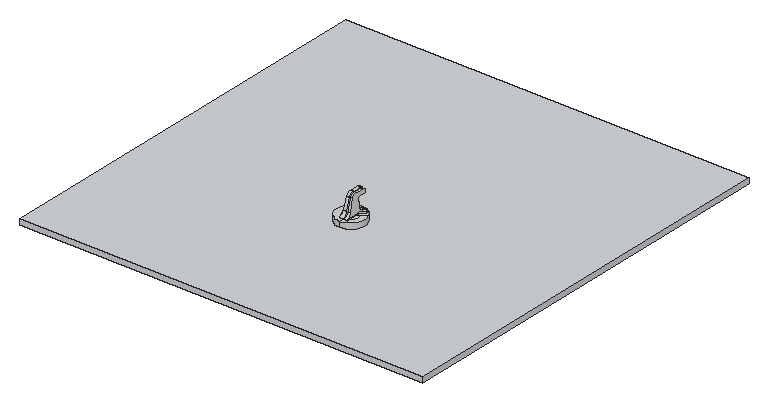
Revit family "41-Percha Palermo", category Aparatos sanitarios, Revit 2018
Family settings
  Anfitrión = Cara
  Cota de conector redondo = Diámetro de uso
  Tipo de pieza = Normal
  Número OmniClass = 23.45.00.00
  Título OmniClass = Sanitary, Laundry, and Cleaning Equipment
  Corte con vacíos al cargar = No
  Compartido = No
  Punto de cálculo de habitación = No
Parameters
  Vida útil unidad = ""
  Vida útil = ""
  URL = ""
  Tráfico = "Residencial"
  Presión mínima = ""
  Presión Máxima = ""
  Nombre del Fabricante = "Corona"
  Nombre = "Percha"
  Model = ""
  Material de Fabricación = "Latón"
  Material Acabado = Cromo-Corona
  Fabricante = "www.corona.com.co"
  Default Elevation = 0 mm
  Duración Garantía Unidad = "Año"
  Diámetro de conexión entrada = ""
  Descripción IFC = "Percha Palermo"
  Description = ""
  Assembly Code = ""
  Consumo de agua = ""
  Color = "Cromo"
  Caudal = ""
  Acabado = "Brillante"
Reference planes
  plane 1 "Center (Front/Back)": y = 0
  plane 2: z = 0
  plane 3 "Center (Left/Right)": x = 0
Forms (mm)
  Extrusion 1, solid
    sketch origin (0, 0, 0) x (1, 0, 0) y (0, 1, 0)
      loop
        line (-385.853, 470) -> (-385.853, -304.449) -> (380.791, -304.449) -> (380.791, 470) -> (-385.853, 470)
    from 0 to -9.713
  Revolve 2, solid, material "Cromo-Corona", detail levels medium+fine
    sketch origin (0, 0, 0) x (0, 1, 0) y (0, 0, 1)
      loop
        line (0, 0) -> (27, 0) -> (27, 10.016) -> (15.089, 10.016) -> (0, 10.016) -> (0, 0)
      axis (0, 10.016) -> (0, 0)
    angle from 0 to 360
  Extrusion 3, solid, material "Cromo-Corona", detail levels medium+fine
    sketch origin (-20.24, 0, 0) x (0, -1, 0) y (0, 0, 1)
      loop
        arc (17.328, 9.949) -> (11.913, 13.154) -> (8.5, 18.441) r 13.706
        line (8.5, 18.441) -> (2.028, 41.012)
        spline (2.028, 41.012) -> (1.75, 41.807) -> (1.392, 42.533) -> (0.954, 43.191) -> (0.436, 43.778) -> (-0.163, 44.297) -> (-0.841, 44.747) -> (-1.599, 45.127) -> (-2.437, 45.439) -> (-3.356, 45.681) -> (-4.354, 45.854) -> (-5.433, 45.957) -> (-6.591, 45.992)
        line (-6.591, 45.992) -> (-23.146, 45.992)
        arc (-23.146, 45.992) -> (-24.8, 45.306) -> (-25.486, 43.651) r 2.341
        line (-25.486, 43.651) -> (-25.486, 39.117)
        arc (-25.486, 39.117) -> (-25.131, 38.26) -> (-24.274, 37.905) r 1.212
        line (-24.274, 37.905) -> (-11.079, 37.905)
        arc (-11.079, 37.905) -> (-10.377, 37.614) -> (-10.086, 36.911) r 0.994
        line (-10.086, 36.911) -> (-10.086, 24.487)
        arc (-10.086, 24.487) -> (-11.968, 16.583) -> (-18.902, 12.351) r 10.567
        line (-18.902, 12.351) -> (-18.902, 9.949) -> (17.328, 9.949)
    from -20.24 to -12.508
  Extrusion 4, void
    sketch origin (0, 0, 0) x (1, 0, 0) y (0, 0, 1)
      loop
        line (-7.72, 10.122) -> (-5.205, 46.09) -> (-5.205, 48.484) -> (-10.205, 48.484) -> (-10.205, 10.122) -> (-7.72, 10.122)
    from -25.486 to 17.328
  Extrusion 5, solid, material "Cromo-Corona", detail levels medium+fine
    sketch origin (20.24, 0, 0) x (0, -1, 0) y (0, 0, -1)
      loop
        line (17.328, -9.949) -> (-18.902, -9.949) -> (-18.902, -12.351)
        arc (-18.902, -12.351) -> (-11.968, -16.583) -> (-10.086, -24.487) r 10.567
        line (-10.086, -24.487) -> (-10.086, -36.911)
        arc (-10.086, -36.911) -> (-10.377, -37.614) -> (-11.079, -37.905) r 0.994
        line (-11.079, -37.905) -> (-24.274, -37.905)
        arc (-24.274, -37.905) -> (-25.131, -38.26) -> (-25.486, -39.117) r 1.212
        line (-25.486, -39.117) -> (-25.486, -43.651)
        arc (-25.486, -43.651) -> (-24.8, -45.306) -> (-23.146, -45.992) r 2.341
        line (-23.146, -45.992) -> (-6.591, -45.992)
        spline (-6.591, -45.992) -> (-5.433, -45.957) -> (-4.354, -45.854) -> (-3.356, -45.681) -> (-2.437, -45.439) -> (-1.599, -45.127) -> (-0.841, -44.747) -> (-0.163, -44.297) -> (0.436, -43.778) -> (0.954, -43.191) -> (1.392, -42.533) -> (1.75, -41.807) -> (2.028, -41.012)
        line (2.028, -41.012) -> (8.5, -18.441)
        arc (8.5, -18.441) -> (11.913, -13.154) -> (17.328, -9.949) r 13.706
    from -20.24 to -12.508
  Extrusion 6, void
    sketch origin (0, 0, 0) x (-1, 0, 0) y (0, 0, -1)
      loop
        line (-7.72, -10.122) -> (-10.205, -10.122) -> (-10.205, -48.484) -> (-5.205, -48.484) -> (-5.205, -46.09) -> (-7.72, -10.122)
    from -25.486 to 17.328
  Revolve 7, solid, material "Cromo-Corona", detail levels medium+fine
    sketch origin (0, 0, 0) x (0, 1, 0) y (0, 0, 1)
      loop
        line (27, 0) -> (27, 10.174)
        arc (27, 10.174) -> (26.284, 11.903) -> (24.555, 12.619) r 2.445
        line (24.555, 12.619) -> (0, 12.619) -> (0, 0) -> (27, 0)
      axis (0, 12.619) -> (0, 0)
    angle from -45 to 45
  Sweep 8, solid, material "Cromo-Corona", detail levels medium+fine
    path origin (0, 0, 10.122) x (0, 1, 0) y (-1, 0, 0)
      loop
        line (0, 0) -> (20.105, 20.105)
    profile origin (-10.053, 10.053, 10.122) x (-0.707107, -0.707107, 0) y (0, 0, 1)
      loop
        line (0, 2.515) -> (0, 0.003) -> (2.332, 0.003)
        arc (2.332, 0.003) -> (1.063, 0.556) -> (0.605, 1.862) r 1.731
        arc (0.605, 1.862) -> (0.445, 2.321) -> (0, 2.515) r 0.605
  Revolve 9, void
    sketch origin (0, 0, 0) x (0, 1, 0) y (0, 0, 1)
      loop
        line (27, 0) -> (28.874, 0) -> (28.388, 13.913) -> (24.556, 13.913) -> (24.556, 12.621)
        arc (24.556, 12.621) -> (26.294, 11.792) -> (27, 10) r 2.627
        line (27, 10) -> (27, 0)
      axis (0, 13.913) -> (0, 0)
    angle from 0 to 360
  Sweep 10, solid, material "Cromo-Corona", detail levels medium+fine
    path origin (0, 0, 10.122) x (0, 1, 0) y (1, 0, 0)
      loop
        line (0, 0) -> (20.105, 20.105)
    profile origin (10.053, 10.053, 10.122) x (-0.707107, 0.707107, 0) y (0, 0, 1)
      loop
        arc (0, 2.515) -> (-0.428, 2.338) -> (-0.605, 1.91) r 0.605
        arc (-0.605, 1.91) -> (-1.064, 0.605) -> (-2.332, 0.052) r 1.731
        line (-2.332, 0.052) -> (0, 0.052) -> (0, 2.515)
  Extrusion 11, solid, material "Vidrio", detail levels coarse
    sketch origin (0, 0, 0) x (0, 1, 0) y (0, 0, 1)
      loop
        line (27, 45.992) -> (-27, 45.992) -> (-27, 0) -> (27, 0) -> (27, 45.992)
    from -27.011 to 26.984
Cuts and joins
  Extrusion 4, Extrusion 6 cuts Extrusion 3
  Extrusion 6 cuts Extrusion 5
  Revolve 9 cuts Revolve 2
  Revolve 9 cuts Sweep 8
  Revolve 9 cuts Sweep 10
Lines and regions (mm)
  symbolic lines, not visible, detail levels medium+fine
    curve 1: arc (-9.395, 25.313, 60) -> (-26.575, -4.773, 60) -> (0, -27, 60) r 27
    curve 2: arc (-23.417, 2.554, 60) -> (-18.953, 13.988, 60) -> (-9.343, 21.623, 60) r 23.555
    curve 3: arc (0, -23.555, 60) -> (-15.727, -17.536, 60) -> (-23.417, -2.554, 60) r 23.555
    curve 4: arc (23.417, -2.554, 60) -> (15.727, -17.536, 60) -> (0, -23.555, 60) r 23.555
    curve 5: arc (20.24, -4.076, 60) -> (16.164, 0, 60) -> (20.24, 4.076, 60) r 4.076
    curve 6: arc (20.24, 2.188, 60) -> (22.428, 0, 60) -> (20.24, -2.188, 60) r 2.188
    curve 7: arc (20.24, -2.188, 60) -> (18.052, 0, 60) -> (20.24, 2.188, 60) r 2.188
    curve 8: arc (20.24, 4.076, 60) -> (24.316, 0, 60) -> (20.24, -4.076, 60) r 4.076
    curve 9: arc (-20.24, 4.076, 60) -> (-24.316, 0, 60) -> (-20.24, -4.076, 60) r 4.076
    curve 10: arc (-20.24, -4.076, 60) -> (-16.164, 0, 60) -> (-20.24, 4.076, 60) r 4.076
    curve 11: arc (-20.24, -2.188, 60) -> (-18.052, 0, 60) -> (-20.24, 2.188, 60) r 2.188
    curve 12: arc (-20.24, 2.188, 60) -> (-22.428, 0, 60) -> (-20.24, -2.188, 60) r 2.188
    curve 13: arc (0, -27, 60) -> (26.585, -4.715, 60) -> (9.284, 25.354, 60) r 27
    curve 14: arc (9.214, 21.679, 60) -> (18.911, 14.044, 60) -> (23.417, 2.554, 60) r 23.555
    curve 15: arc (9.87, -10, 60) -> (14.737, 0, 60) -> (9.87, 10, 60) r 12.706
    curve 16: arc (-9.87, -10, 60) -> (-14.737, 0, 60) -> (-9.87, 10, 60) r 12.706
    curve 17: line (9.87, 10, 60) -> (-9.87, 10, 60)
    curve 18: line (-9.87, -10, 60) -> (9.87, -10, 60)
    curve 24: line (-20.24, -27, 0) -> (-20.24, -27, 2.689)
    curve 25: arc (-20.24, -27, 2.689) -> (-20.24, -26.589, 3.681) -> (-20.24, -25.597, 4.092) r 1.403
    curve 26: line (-20.24, -25.597, 4.092) -> (-20.24, 25.449, 4.092)
    curve 27: arc (-20.24, 25.449, 4.092) -> (-20.24, 26.581, 3.623) -> (-20.24, 27.05, 2.49) r 1.602
    curve 28: line (-20.24, 27.05, 2.49) -> (-20.24, 27.05, 0)
    curve 29: line (-20.24, -23.555, 4.092) -> (-20.24, -16.852, 10.795)
    curve 30: arc (-20.24, -16.852, 10.795) -> (-20.24, -16, 11.37) -> (-20.24, -14.994, 11.584) r 2.694
    curve 31: line (-20.24, -14.994, 11.584) -> (-20.24, 15.089, 11.584)
    curve 32: arc (-20.24, 15.089, 11.584) -> (-20.24, 16.111, 11.357) -> (-20.24, 16.942, 10.72) r 2.419
    curve 33: line (-20.24, 16.942, 10.72) -> (-20.24, 23.57, 4.092)
    curve 34: line (-20.24, -10, 11.584) -> (-20.24, -10, 72.37)
    curve 35: arc (-20.24, -10, 72.37) -> (-20.24, 0, 77.201) -> (-20.24, 10, 72.37) r 12.765
    curve 36: line (-20.24, 10, 72.37) -> (-20.24, 10, 11.584)
    curve 38: line (27.05, 0, 0) -> (27.05, 0, 2.516)
    curve 39: arc (27.05, 0, 2.516) -> (26.551, 0, 3.663) -> (25.373, 0, 4.08) r 1.567
    curve 40: line (25.373, 0, 4.08) -> (-25.331, 0, 4.08)
    curve 41: arc (-25.331, 0, 4.08) -> (-26.511, 0, 3.591) -> (-27, 0, 2.411) r 1.669
    curve 42: line (-27, 0, 2.411) -> (-27, 0, 0)
    curve 43: line (-23.412, 0, 4.08) -> (-16.514, 0, 10.978)
    curve 44: arc (-16.514, 0, 10.978) -> (-15.691, 0, 11.489) -> (-14.726, 0, 11.584) r 2.133
    curve 45: line (-14.726, 0, 11.584) -> (15.1, 0, 11.584)
    curve 46: arc (15.1, 0, 11.584) -> (16.03, 0, 11.363) -> (16.763, 0, 10.748) r 2.072
    curve 47: line (16.763, 0, 10.748) -> (23.431, 0, 4.08)
    curve 48: line (9.881, 0, 11.584) -> (9.881, 0, 62.5)
    curve 49: arc (9.881, 0, 62.5) -> (0.011, 0, 72.37) -> (-9.859, 0, 62.5) r 9.87
    curve 50: line (-9.859, 0, 11.584) -> (-9.859, 0, 62.5)
    curve 51: line (14.754, 0, 11.584) -> (14.754, 0, 62.5)
    curve 52: arc (14.754, 0, 62.5) -> (-0.012, 0, 77.265) -> (-14.777, 0, 62.5) r 14.765
    curve 53: line (-14.777, 0, 62.5) -> (-14.777, 0, 11.522)
  symbolic lines, detail levels coarse
    curve 19: line (-27, 26.963, 60) -> (27, 26.963, 60)
    curve 20: line (-27, -27, 60) -> (-27, 26.963, 60)
    curve 21: line (27, -27, 60) -> (-27, -27, 60)
    curve 22: line (27, 26.963, 60) -> (27, -27, 60)
    curve 23: line (27.05, 0, 0) -> (-26.99, 0, 0)
    curve 37: line (-20.24, 30.401, 0) -> (-20.24, -27, 0)
    curve 69: line (0, 27, 45.992) -> (0, -27, 45.992)
    curve 70: line (0, 27, 0) -> (0, 27, 45.992)
    curve 71: line (0, -27, 0) -> (0, 27, 0)
    curve 72: line (0, -27, 45.992) -> (0, -27, 0)
  symbolic lines, detail levels medium+fine
    curve 54: line (0, 27, 0) -> (0, 27, 10.016)
    curve 55: arc (0, 27, 10.016) -> (0, 26.324, 11.777) -> (0, 24.644, 12.633) r 2.631
    curve 56: line (0, 24.644, 12.633) -> (0, 0.102, 12.633)
    curve 57: arc (0, 0.102, 12.633) -> (0, -0.299, 12.452) -> (0, -0.428, 12.032) r 0.534
    curve 58: arc (0, -0.428, 12.032) -> (0, -0.695, 10.878) -> (0, -1.649, 10.174) r 1.711
    curve 59: arc (0, 17.272, 12.633) -> (0, 11.507, 17.243) -> (0, 10.086, 24.487) r 10.728
    curve 60: line (0, 10.086, 24.487) -> (0, 10.086, 36.911)
    curve 61: arc (0, 11.079, 37.905) -> (0, 10.377, 37.614) -> (0, 10.086, 36.911) r 0.994
    curve 62: line (0, 11.079, 37.905) -> (0, 24.274, 37.905)
    curve 63: arc (0, 25.486, 39.117) -> (0, 25.131, 38.26) -> (0, 24.274, 37.905) r 1.212
    curve 64: line (0, 25.486, 39.117) -> (0, 25.486, 43.651)
    curve 65: arc (0, 23.146, 45.992) -> (0, 24.8, 45.306) -> (0, 25.486, 43.651) r 2.341
    curve 66: line (0, -2.028, 41.012) -> (0, 6.591, 45.992)
    curve 67: line (0, -2.028, 41.012) -> (0, -8.5, 18.441)
    curve 68: arc (0, -17.328, 9.949) -> (0, -11.913, 13.154) -> (0, -8.5, 18.441) r 13.706
    curve 73: circle (0, 0, 60) r 27 normal (0, 0, 1)
    curve 74: line (-5.778, 11.081, 60) -> (-5.778, 24.292, 60)
    curve 75: spline (-5.847, 10.086, 60) -> (-5.838, 10.094, 60) -> (-5.829, 10.119, 60) -> (-5.82, 10.161, 60) -> (-5.812, 10.219, 60) -> (-5.805, 10.291, 60) -> (-5.798, 10.377, 60) -> (-5.792, 10.475, 60) -> (-5.787, 10.583, 60) -> (-5.783, 10.7, 60) -> (-5.78, 10.823, 60) -> (-5.778, 10.951, 60) -> (-5.778, 11.081, 60)
    curve 76: spline (-7.564, 18.902, 60) -> (-7.543, 17.545, 60) -> (-7.51, 16.24, 60) -> (-7.465, 15.009, 60) -> (-7.409, 13.873, 60) -> (-7.343, 12.852, 60) -> (-7.268, 11.964, 60) -> (-7.186, 11.223, 60) -> (-7.098, 10.644, 60) -> (-7.005, 10.235, 60) -> (-6.909, 10.003, 60) -> (-6.812, 9.954, 60) -> (-6.716, 10.087, 60)
    curve 77: line (-7.732, 18.902, 60) -> (-7.732, -17.328, 60)
    curve 78: line (0, -17.328, 60) -> (-7.732, -17.328, 60)
    curve 79: line (7.732, -17.328, 60) -> (0, -17.328, 60)
    curve 80: line (7.732, -17.328, 60) -> (7.732, 18.902, 60)
    curve 81: spline (6.716, 10.086, 60) -> (6.813, 9.954, 60) -> (6.91, 10.004, 60) -> (7.005, 10.236, 60) -> (7.098, 10.645, 60) -> (7.186, 11.225, 60) -> (7.268, 11.966, 60) -> (7.343, 12.854, 60) -> (7.409, 13.875, 60) -> (7.465, 15.01, 60) -> (7.51, 16.241, 60) -> (7.543, 17.546, 60) -> (7.564, 18.902, 60)
    curve 82: spline (5.778, 10.871, 60) -> (5.778, 10.768, 60) -> (5.78, 10.668, 60) -> (5.783, 10.57, 60) -> (5.787, 10.478, 60) -> (5.792, 10.393, 60) -> (5.798, 10.315, 60) -> (5.805, 10.248, 60) -> (5.812, 10.191, 60) -> (5.82, 10.145, 60) -> (5.829, 10.112, 60) -> (5.838, 10.092, 60) -> (5.847, 10.086, 60)
    curve 83: line (5.778, 24.272, 60) -> (5.778, 11.079, 60)
    curve 84: spline (5.693, 25.486, 60) -> (5.704, 25.476, 60) -> (5.715, 25.445, 60) -> (5.725, 25.394, 60) -> (5.735, 25.324, 60) -> (5.744, 25.236, 60) -> (5.753, 25.131, 60) -> (5.76, 25.012, 60) -> (5.766, 24.879, 60) -> (5.771, 24.737, 60) -> (5.775, 24.586, 60) -> (5.777, 24.431, 60) -> (5.778, 24.272, 60)
    curve 85: spline (5.212, 23.18, 60) -> (5.214, 23.483, 60) -> (5.218, 23.78, 60) -> (5.225, 24.066, 60) -> (5.235, 24.337, 60) -> (5.247, 24.588, 60) -> (5.261, 24.814, 60) -> (5.277, 25.012, 60) -> (5.295, 25.179, 60) -> (5.314, 25.312, 60) -> (5.334, 25.408, 60) -> (5.355, 25.466, 60) -> (5.376, 25.486, 60)
    curve 86: line (5.212, 6.591, 60) -> (5.212, 23.18, 60)
    curve 87: spline (5.522, -1.87, 60) -> (5.47, -1.466, 60) -> (5.421, -0.982, 60) -> (5.376, -0.426, 60) -> (5.336, 0.197, 60) -> (5.3, 0.88, 60) -> (5.27, 1.614, 60) -> (5.246, 2.39, 60) -> (5.228, 3.199, 60) -> (5.216, 4.032, 60) -> (5.211, 4.878, 60) -> (5.212, 5.728, 60) -> (5.22, 6.571, 60)
    curve 88: line (7.138, -8.499, 60) -> (5.522, -1.87, 60)
    curve 89: spline (7.72, -16.811, 60) -> (7.694, -15.87, 60) -> (7.663, -14.959, 60) -> (7.627, -14.083, 60) -> (7.587, -13.247, 60) -> (7.543, -12.457, 60) -> (7.495, -11.715, 60) -> (7.443, -11.026, 60) -> (7.387, -10.394, 60) -> (7.329, -9.823, 60) -> (7.268, -9.314, 60) -> (7.204, -8.872, 60) -> (7.138, -8.499, 60)
    curve 90: spline (-7.138, -8.499, 60) -> (-7.204, -8.872, 60) -> (-7.268, -9.314, 60) -> (-7.329, -9.823, 60) -> (-7.387, -10.394, 60) -> (-7.443, -11.026, 60) -> (-7.495, -11.715, 60) -> (-7.543, -12.457, 60) -> (-7.587, -13.247, 60) -> (-7.627, -14.083, 60) -> (-7.663, -14.959, 60) -> (-7.694, -15.87, 60) -> (-7.72, -16.811, 60)
    curve 91: line (-5.522, -1.87, 60) -> (-7.138, -8.499, 60)
    curve 92: spline (-5.22, 6.571, 60) -> (-5.212, 5.728, 60) -> (-5.211, 4.878, 60) -> (-5.216, 4.032, 60) -> (-5.228, 3.199, 60) -> (-5.246, 2.39, 60) -> (-5.27, 1.614, 60) -> (-5.3, 0.88, 60) -> (-5.336, 0.197, 60) -> (-5.376, -0.426, 60) -> (-5.421, -0.982, 60) -> (-5.47, -1.466, 60) -> (-5.522, -1.87, 60)
    curve 93: line (-5.212, 23.142, 60) -> (-5.212, 6.591, 60)
    curve 94: spline (-5.376, 25.486, 60) -> (-5.354, 25.466, 60) -> (-5.333, 25.407, 60) -> (-5.313, 25.308, 60) -> (-5.294, 25.173, 60) -> (-5.276, 25.003, 60) -> (-5.26, 24.8, 60) -> (-5.246, 24.57, 60) -> (-5.234, 24.315, 60) -> (-5.224, 24.04, 60) -> (-5.218, 23.749, 60) -> (-5.213, 23.448, 60) -> (-5.212, 23.142, 60)
    curve 95: spline (-5.778, 24.292, 60) -> (-5.777, 24.449, 60) -> (-5.774, 24.602, 60) -> (-5.771, 24.751, 60) -> (-5.766, 24.891, 60) -> (-5.76, 25.021, 60) -> (-5.752, 25.138, 60) -> (-5.744, 25.241, 60) -> (-5.735, 25.327, 60) -> (-5.725, 25.396, 60) -> (-5.714, 25.446, 60) -> (-5.704, 25.476, 60) -> (-5.693, 25.486, 60)
    curve 96: line (-6.835, 9.949, 60) -> (-5.847, 10.086, 60)
    curve 97: line (5.847, 10.086, 60) -> (6.716, 10.086, 60)
    curve 98: arc (-22.235, 15.317, 60) -> (-20.425, 15.842, 60) -> (-18.615, 15.317, 60) r 3.384
    curve 99: line (-18.615, 15.317, 60) -> (-9.446, 6.148, 60)
    curve 100: arc (-9.446, 6.148, 60) -> (-8.067, 3.984, 60) -> (-7.732, 1.44, 60) r 5.928
    curve 101: arc (22.235, 15.317, 60) -> (20.425, 15.842, 60) -> (18.615, 15.317, 60) r 3.384
    curve 102: line (18.615, 15.317, 60) -> (9.446, 6.148, 60)
    curve 103: arc (9.446, 6.148, 60) -> (8.067, 3.984, 60) -> (7.732, 1.44, 60) r 5.928
    curve 104: line (-5.693, 25.486, 60) -> (5.693, 25.486, 60)
    curve 105: line (5.212, 0, 45.992) -> (7.546, 0, 12.621)
    curve 106: line (-7.546, 0, 12.621) -> (-5.212, 0, 45.992)
    curve 107: line (5.212, 0, 45.992) -> (-5.212, 0, 45.992)
    curve 108: line (17.363, 0, 12.621) -> (-17.637, 0, 12.621)
    curve 109: arc (-17.637, 0, 12.621) -> (-18.377, 0, 12.437) -> (-18.944, 0, 11.926) r 1.576
    curve 110: line (-18.944, 0, 11.926) -> (-19.642, 0, 10.891)
    curve 111: arc (-19.642, 0, 10.891) -> (-20.327, 0, 10.27) -> (-21.221, 0, 10.037) r 1.939
    curve 112: line (-21.221, 0, 10.037) -> (-26.028, 0, 10.037)
    curve 113: arc (-26.028, 0, 10.037) -> (-26.776, 0, 9.688) -> (-26.99, 0, 8.89) r 0.977
    curve 114: line (-26.99, 0, 8.89) -> (-26.99, 0, 0)
    curve 115: line (27.05, 0, 0) -> (27.05, 0, 8.375)
    curve 116: arc (27.05, 0, 8.375) -> (26.569, 0, 9.536) -> (25.408, 0, 10.016) r 1.642
    curve 117: arc (17.637, 0, 12.621) -> (18.377, 0, 12.437) -> (18.944, 0, 11.926) r 1.576
    curve 118: line (18.944, 0, 11.926) -> (19.642, 0, 10.891)
    curve 119: arc (19.642, 0, 10.891) -> (20.327, 0, 10.27) -> (21.221, 0, 10.037) r 1.939
    curve 120: line (21.221, 0, 10.037) -> (26.028, 0, 10.037)
    curve 121: line (0, 23.146, 45.992) -> (0, 6.591, 45.992)
    curve 122: line (0, -1.649, 10.174) -> (0, -27, 10.174)
    curve 123: line (0, -27, 10.174) -> (0, -27, 0)
Dimensions and locks
  aligned and locked: plane 2 to Extrusion 1
  aligned and locked: level to Extrusion 1
